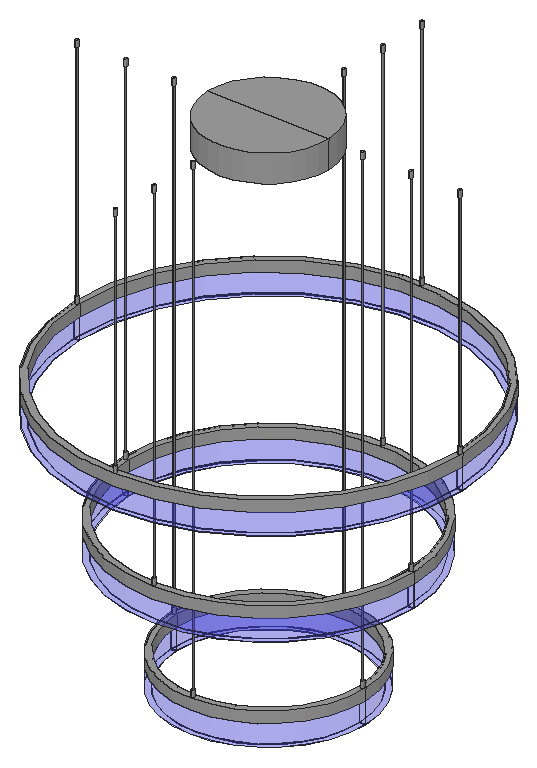
Revit family "Alcon-12272-3-16-24-32-Revit-Family", category Generic Models, host Ceiling, Revit 2025
Family settings
  Host = Ceiling
  Can host rebar = No
  Round Connector Dimension = Use Diameter
  Part Type = Normal
  Always vertical = Yes
  Cut with Voids When Loaded = No
  Maintain Annotation Orientation = No
  Shared = No
  Room Calculation Point = No
Parameters
  URL = "https://www.alconlighting.com/?srsltid=AfmBOooDPhGQ0dEP-X2PMtxFfvvWpIAEL4jCll_O2F4_to5onvhnBomy"
  Product Page = "https://www.alconlighting.com/redondo-12272-2.html"
  Model = "12272-3"
  Manufacturer = "Alcon Lighting"
  Lens = Glass
  Housing = Default
  Default Elevation = 0' - 0"
Reference planes (in)
  plane 1 "Center (Front/Back)": y = 0
  plane 2 "Ceiling": z = 96
  plane 3 "Center (Left/Right)": x = 0
Forms (in)
  Revolve 1, solid, material "Default" <- "Housing"
    sketch origin (0, 0, 0) x (1, 0, 0) y (0, 0, 1)
      loop
        line (0, 96) -> (0, 93.75) -> (5, 93.75) -> (5, 96) -> (0, 96)
      axis (0, 96) -> (0, 93.75)
    angle from 0 to 360
  Revolve 2, solid, material "Default" <- "Housing"
    sketch origin (0, 0, -10.0625) x (1, 0, 0) y (0, 0, 1)
      loop
        line (7.5, 66.65) -> (7.5, 65.72813) -> (7.5625, 65.72813) -> (7.5625, 66.5875) -> (7.9375, 66.5875) -> (7.9375, 65.72813) -> (8, 65.72813) -> (8, 66.65) -> (7.5, 66.65)
      axis (0, 65.72813) -> (0, 66.65)
    angle from 0 to 360
  Revolve 3, solid, material "Glass" <- "Lens"
    sketch origin (0, 0, -10.0625) x (1, 0, 0) y (0, 0, 1)
      loop
        line (7.5, 63.89) -> (8, 63.89) -> (8, 65.72813) -> (7.96875, 65.72813) -> (7.96875, 63.92125) -> (7.53125, 63.92125) -> (7.53125, 65.72813) -> (7.5, 65.72813) -> (7.5, 63.89)
      axis (0, 63.89) -> (0, 65.72813)
    angle from 0 to 360
  Revolve 4, solid, material "Default" <- "Housing"
    sketch origin (0, -20.29728, -10.0625) x (0, 1, 0) y (0, 0, 1)
      loop
        line (12.55011, 66.65) -> (12.67511, 66.65) -> (12.67511, 67.1208) -> (12.55011, 67.1208) -> (12.55011, 66.65)
      axis (12.55011, 67.1208) -> (12.55011, 66.65)
    angle from 0 to 360
  Extrusion 5, solid, material "Default" <- "Housing"
    sketch origin (0, -7.74728, 92.90344) x (0, 1, 0) y (1, 0, 0)
      loop
        circle (0, 0) r 0.04922
    from -2.62576 to 35.84515
  Revolve 6, solid, material "Default" <- "Housing"
    sketch origin (0, -20.29728, 28.8792) x (0, 1, 0) y (0, 0, 1)
      loop
        line (12.55011, 66.65) -> (12.67511, 66.65) -> (12.67511, 67.1208) -> (12.55011, 67.1208) -> (12.55011, 66.65)
      axis (12.55011, 67.1208) -> (12.55011, 66.65)
    angle from 0 to 360
  Revolve 7, solid, material "Default" <- "Housing"
    sketch origin (0, -4.80413, -10.0625) x (0, 1, 0) y (0, 0, 1)
      loop
        line (12.55011, 66.65) -> (12.67511, 66.65) -> (12.67511, 67.1208) -> (12.55011, 67.1208) -> (12.55011, 66.65)
      axis (12.55011, 67.1208) -> (12.55011, 66.65)
    angle from 0 to 360
  Extrusion 8, solid, material "Default" <- "Housing"
    sketch origin (0, 7.74587, 92.90344) x (0, 1, 0) y (1, 0, 0)
      loop
        circle (0, 0) r 0.04922
    from -2.62576 to 35.84515
  Revolve 9, solid, material "Default" <- "Housing"
    sketch origin (0, -4.80413, 28.8792) x (0, 1, 0) y (0, 0, 1)
      loop
        line (12.55011, 66.65) -> (12.67511, 66.65) -> (12.67511, 67.1208) -> (12.55011, 67.1208) -> (12.55011, 66.65)
      axis (12.55011, 67.1208) -> (12.55011, 66.65)
    angle from 0 to 360
  Revolve 10, solid, material "Default" <- "Housing"
    sketch origin (7.73156, -12.55011, -10.0625) x (0, 1, 0) y (0, 0, 1)
      loop
        line (12.55011, 66.65) -> (12.67511, 66.65) -> (12.67511, 67.1208) -> (12.55011, 67.1208) -> (12.55011, 66.65)
      axis (12.55011, 67.1208) -> (12.55011, 66.65)
    angle from 0 to 360
  Extrusion 11, solid, material "Default" <- "Housing"
    sketch origin (7.73156, -0.00011, 92.90344) x (0, 1, 0) y (1, 0, 0)
      loop
        circle (0, 0) r 0.04922
    from -2.62576 to 35.84515
  Revolve 12, solid, material "Default" <- "Housing"
    sketch origin (7.73156, -12.55011, 28.8792) x (0, 1, 0) y (0, 0, 1)
      loop
        line (12.55011, 66.65) -> (12.67511, 66.65) -> (12.67511, 67.1208) -> (12.55011, 67.1208) -> (12.55011, 66.65)
      axis (12.55011, 67.1208) -> (12.55011, 66.65)
    angle from 0 to 360
  Revolve 13, solid, material "Default" <- "Housing"
    sketch origin (-7.7654, -12.55011, -10.0625) x (0, 1, 0) y (0, 0, 1)
      loop
        line (12.55011, 66.65) -> (12.67511, 66.65) -> (12.67511, 67.1208) -> (12.55011, 67.1208) -> (12.55011, 66.65)
      axis (12.55011, 67.1208) -> (12.55011, 66.65)
    angle from 0 to 360
  Extrusion 14, solid, material "Default" <- "Housing"
    sketch origin (-7.7654, -0.00011, 92.90344) x (0, 1, 0) y (1, 0, 0)
      loop
        circle (0, 0) r 0.04922
    from -2.62576 to 35.84515
  Revolve 15, solid, material "Default" <- "Housing"
    sketch origin (-7.7654, -12.55011, 28.8792) x (0, 1, 0) y (0, 0, 1)
      loop
        line (12.55011, 66.65) -> (12.67511, 66.65) -> (12.67511, 67.1208) -> (12.55011, 67.1208) -> (12.55011, 66.65)
      axis (12.55011, 67.1208) -> (12.55011, 66.65)
    angle from 0 to 360
  Revolve 16, solid, material "Default" <- "Housing"
    sketch origin (0, 0, -0.0625) x (1, 0, 0) y (0, 0, 1)
      loop
        line (11.5, 66.65) -> (11.5, 65.72813) -> (11.5625, 65.72813) -> (11.5625, 66.5875) -> (11.9375, 66.5875) -> (11.9375, 65.72813) -> (12, 65.72813) -> (12, 66.65) -> (11.5, 66.65)
      axis (0, 65.72813) -> (0, 66.65)
    angle from 0 to 360
  Revolve 17, solid, material "Glass" <- "Lens"
    sketch origin (0, 0, -0.0625) x (1, 0, 0) y (0, 0, 1)
      loop
        line (11.5, 63.89) -> (12, 63.89) -> (12, 65.72813) -> (11.96875, 65.72813) -> (11.96875, 63.92125) -> (11.53125, 63.92125) -> (11.53125, 65.72813) -> (11.5, 65.72813) -> (11.5, 63.89)
      axis (0, 63.89) -> (0, 65.72813)
    angle from 0 to 360
  Revolve 18, solid, material "Default" <- "Housing"
    sketch origin (-11.7654, -12.55011, -0.0625) x (0, 1, 0) y (0, 0, 1)
      loop
        line (12.55011, 66.65) -> (12.67511, 66.65) -> (12.67511, 67.1208) -> (12.55011, 67.1208) -> (12.55011, 66.65)
      axis (12.55011, 67.1208) -> (12.55011, 66.65)
    angle from 0 to 360
  Extrusion 19, solid, material "Default" <- "Housing"
    sketch origin (-11.7654, -0.00011, 102.90344) x (0, 1, 0) y (1, 0, 0)
      loop
        circle (0, 0) r 0.04922
    from 7.37424 to 35.84515
  Revolve 20, solid, material "Default" <- "Housing"
    sketch origin (-11.7654, -12.55011, 28.8792) x (0, 1, 0) y (0, 0, 1)
      loop
        line (12.55011, 66.65) -> (12.67511, 66.65) -> (12.67511, 67.1208) -> (12.55011, 67.1208) -> (12.55011, 66.65)
      axis (12.55011, 67.1208) -> (12.55011, 66.65)
    angle from 0 to 360
  Revolve 21, solid, material "Default" <- "Housing"
    sketch origin (-7.7654, -12.55011, -10.0625) x (0, 1, 0) y (0, 0, 1)
      loop
        line (12.55011, 66.65) -> (12.67511, 66.65) -> (12.67511, 67.1208) -> (12.55011, 67.1208) -> (12.55011, 66.65)
      axis (12.55011, 67.1208) -> (12.55011, 66.65)
    angle from 0 to 360
  Extrusion 22, solid, material "Default" <- "Housing"
    sketch origin (-7.7654, -0.00011, 92.90344) x (0, 1, 0) y (1, 0, 0)
      loop
        circle (0, 0) r 0.04922
    from -2.62576 to 35.84515
  Revolve 23, solid, material "Default" <- "Housing"
    sketch origin (-7.7654, -12.55011, 28.8792) x (0, 1, 0) y (0, 0, 1)
      loop
        line (12.55011, 66.65) -> (12.67511, 66.65) -> (12.67511, 67.1208) -> (12.55011, 67.1208) -> (12.55011, 66.65)
      axis (12.55011, 67.1208) -> (12.55011, 66.65)
    angle from 0 to 360
  Revolve 24, solid, material "Default" <- "Housing"
    sketch origin (11.7346, -12.55011, -0.0625) x (0, 1, 0) y (0, 0, 1)
      loop
        line (12.55011, 66.65) -> (12.67511, 66.65) -> (12.67511, 67.1208) -> (12.55011, 67.1208) -> (12.55011, 66.65)
      axis (12.55011, 67.1208) -> (12.55011, 66.65)
    angle from 0 to 360
  Extrusion 25, solid, material "Default" <- "Housing"
    sketch origin (11.7346, -0.00011, 102.90344) x (0, 1, 0) y (1, 0, 0)
      loop
        circle (0, 0) r 0.04922
    from 7.37424 to 35.84515
  Revolve 26, solid, material "Default" <- "Housing"
    sketch origin (11.7346, -12.55011, 28.8792) x (0, 1, 0) y (0, 0, 1)
      loop
        line (12.55011, 66.65) -> (12.67511, 66.65) -> (12.67511, 67.1208) -> (12.55011, 67.1208) -> (12.55011, 66.65)
      axis (12.55011, 67.1208) -> (12.55011, 66.65)
    angle from 0 to 360
  Revolve 27, solid, material "Default" <- "Housing"
    sketch origin (0, -0.80011, -0.0625) x (0, 1, 0) y (0, 0, 1)
      loop
        line (12.55011, 66.65) -> (12.67511, 66.65) -> (12.67511, 67.1208) -> (12.55011, 67.1208) -> (12.55011, 66.65)
      axis (12.55011, 67.1208) -> (12.55011, 66.65)
    angle from 0 to 360
  Extrusion 28, solid, material "Default" <- "Housing"
    sketch origin (0, 11.74989, 102.90344) x (0, 1, 0) y (1, 0, 0)
      loop
        circle (0, 0) r 0.04922
    from 7.37424 to 35.84515
  Revolve 29, solid, material "Default" <- "Housing"
    sketch origin (0, -0.80011, 28.8792) x (0, 1, 0) y (0, 0, 1)
      loop
        line (12.55011, 66.65) -> (12.67511, 66.65) -> (12.67511, 67.1208) -> (12.55011, 67.1208) -> (12.55011, 66.65)
      axis (12.55011, 67.1208) -> (12.55011, 66.65)
    angle from 0 to 360
  Revolve 30, solid, material "Default" <- "Housing"
    sketch origin (0, -24.30011, -0.0625) x (0, 1, 0) y (0, 0, 1)
      loop
        line (12.55011, 66.65) -> (12.67511, 66.65) -> (12.67511, 67.1208) -> (12.55011, 67.1208) -> (12.55011, 66.65)
      axis (12.55011, 67.1208) -> (12.55011, 66.65)
    angle from 0 to 360
  Extrusion 31, solid, material "Default" <- "Housing"
    sketch origin (0, -11.75011, 102.90344) x (0, 1, 0) y (1, 0, 0)
      loop
        circle (0, 0) r 0.04922
    from 7.37424 to 35.84515
  Revolve 32, solid, material "Default" <- "Housing"
    sketch origin (0, -24.30011, 28.8792) x (0, 1, 0) y (0, 0, 1)
      loop
        line (12.55011, 66.65) -> (12.67511, 66.65) -> (12.67511, 67.1208) -> (12.55011, 67.1208) -> (12.55011, 66.65)
      axis (12.55011, 67.1208) -> (12.55011, 66.65)
    angle from 0 to 360
  Revolve 33, solid, material "Default" <- "Housing"
    sketch origin (0, 0, 10) x (1, 0, 0) y (0, 0, 1)
      loop
        line (15.5, 66.65) -> (15.5, 65.72813) -> (15.5625, 65.72813) -> (15.5625, 66.5875) -> (15.9375, 66.5875) -> (15.9375, 65.72813) -> (16, 65.72813) -> (16, 66.65) -> (15.5, 66.65)
      axis (0, 65.72813) -> (0, 66.65)
    angle from 0 to 360
  Revolve 34, solid, material "Glass" <- "Lens"
    sketch origin (0, 0, 10) x (1, 0, 0) y (0, 0, 1)
      loop
        line (15.5, 63.89) -> (16, 63.89) -> (16, 65.72813) -> (15.96875, 65.72813) -> (15.96875, 63.92125) -> (15.53125, 63.92125) -> (15.53125, 65.72813) -> (15.5, 65.72813) -> (15.5, 63.89)
      axis (0, 63.89) -> (0, 65.72813)
    angle from 0 to 360
  Revolve 35, solid, material "Default" <- "Housing"
    sketch origin (-15.7654, -12.55011, 10) x (0, 1, 0) y (0, 0, 1)
      loop
        line (12.55011, 66.65) -> (12.67511, 66.65) -> (12.67511, 67.1208) -> (12.55011, 67.1208) -> (12.55011, 66.65)
      axis (12.55011, 67.1208) -> (12.55011, 66.65)
    angle from 0 to 360
  Extrusion 36, solid, material "Default" <- "Housing"
    sketch origin (-15.7654, -0.00011, 112.96594) x (0, 1, 0) y (1, 0, 0)
      loop
        circle (0, 0) r 0.04922
    from 17.43674 to 35.84515
  Revolve 37, solid, material "Default" <- "Housing"
    sketch origin (-15.7654, -12.55011, 28.8792) x (0, 1, 0) y (0, 0, 1)
      loop
        line (12.55011, 66.65) -> (12.67511, 66.65) -> (12.67511, 67.1208) -> (12.55011, 67.1208) -> (12.55011, 66.65)
      axis (12.55011, 67.1208) -> (12.55011, 66.65)
    angle from 0 to 360
  Revolve 38, solid, material "Default" <- "Housing"
    sketch origin (15.7346, -12.55011, 10) x (0, 1, 0) y (0, 0, 1)
      loop
        line (12.55011, 66.65) -> (12.67511, 66.65) -> (12.67511, 67.1208) -> (12.55011, 67.1208) -> (12.55011, 66.65)
      axis (12.55011, 67.1208) -> (12.55011, 66.65)
    angle from 0 to 360
  Extrusion 39, solid, material "Default" <- "Housing"
    sketch origin (15.7346, -0.00011, 112.96594) x (0, 1, 0) y (1, 0, 0)
      loop
        circle (0, 0) r 0.04922
    from 17.43674 to 35.84515
  Revolve 40, solid, material "Default" <- "Housing"
    sketch origin (15.7346, -12.55011, 28.8792) x (0, 1, 0) y (0, 0, 1)
      loop
        line (12.55011, 66.65) -> (12.67511, 66.65) -> (12.67511, 67.1208) -> (12.55011, 67.1208) -> (12.55011, 66.65)
      axis (12.55011, 67.1208) -> (12.55011, 66.65)
    angle from 0 to 360
  Revolve 41, solid, material "Default" <- "Housing"
    sketch origin (0, 3.19989, 10) x (0, 1, 0) y (0, 0, 1)
      loop
        line (12.55011, 66.65) -> (12.67511, 66.65) -> (12.67511, 67.1208) -> (12.55011, 67.1208) -> (12.55011, 66.65)
      axis (12.55011, 67.1208) -> (12.55011, 66.65)
    angle from 0 to 360
  Extrusion 42, solid, material "Default" <- "Housing"
    sketch origin (0, 15.74989, 112.96594) x (0, 1, 0) y (1, 0, 0)
      loop
        circle (0, 0) r 0.04922
    from 17.43674 to 35.84515
  Revolve 43, solid, material "Default" <- "Housing"
    sketch origin (0, 3.19989, 28.8792) x (0, 1, 0) y (0, 0, 1)
      loop
        line (12.55011, 66.65) -> (12.67511, 66.65) -> (12.67511, 67.1208) -> (12.55011, 67.1208) -> (12.55011, 66.65)
      axis (12.55011, 67.1208) -> (12.55011, 66.65)
    angle from 0 to 360
  Revolve 44, solid, material "Default" <- "Housing"
    sketch origin (0, -28.30011, 10) x (0, 1, 0) y (0, 0, 1)
      loop
        line (12.55011, 66.65) -> (12.67511, 66.65) -> (12.67511, 67.1208) -> (12.55011, 67.1208) -> (12.55011, 66.65)
      axis (12.55011, 67.1208) -> (12.55011, 66.65)
    angle from 0 to 360
  Extrusion 45, solid, material "Default" <- "Housing"
    sketch origin (0, -15.75011, 112.96594) x (0, 1, 0) y (1, 0, 0)
      loop
        circle (0, 0) r 0.04922
    from 17.43674 to 35.84515
  Revolve 46, solid, material "Default" <- "Housing"
    sketch origin (0, -28.30011, 28.8792) x (0, 1, 0) y (0, 0, 1)
      loop
        line (12.55011, 66.65) -> (12.67511, 66.65) -> (12.67511, 67.1208) -> (12.55011, 67.1208) -> (12.55011, 66.65)
      axis (12.55011, 67.1208) -> (12.55011, 66.65)
    angle from 0 to 360
Dimensions and locks (in)
  equal spacing: host sketch curve, plane 3 "Center (Left/Right)", host sketch curve
  equal spacing: host sketch curve, plane 1 "Center (Front/Back)", host sketch curve
  host sketch curve to host sketch curve = 10' - 0"  (x2)
  aligned and locked: Extrusion 5 to Revolve 4
  aligned and locked: Revolve 6 to Extrusion 5
  aligned and locked: Extrusion 8 to Revolve 7
  aligned and locked: Revolve 9 to Extrusion 8
  aligned and locked: Extrusion 11 to Revolve 10
  aligned and locked: Revolve 12 to Extrusion 11
  aligned and locked: Extrusion 14 to Revolve 13
  aligned and locked: Extrusion 19 to Revolve 18
  aligned and locked: Revolve 20 to Extrusion 19
  aligned and locked: Extrusion 22 to Revolve 21
  aligned and locked: Extrusion 25 to Revolve 24
  aligned and locked: Revolve 26 to Extrusion 25
  aligned and locked: Extrusion 28 to Revolve 27
  aligned and locked: Revolve 29 to Extrusion 28
  aligned and locked: Extrusion 31 to Revolve 30
  aligned and locked: Revolve 32 to Extrusion 31
  aligned and locked: Extrusion 36 to Revolve 35
  aligned and locked: Revolve 37 to Extrusion 36
  aligned and locked: Extrusion 39 to Revolve 38
  aligned and locked: Revolve 40 to Extrusion 39
  aligned and locked: Extrusion 42 to Revolve 41
  aligned and locked: Revolve 43 to Extrusion 42
  aligned and locked: Extrusion 45 to Revolve 44
  aligned and locked: Revolve 46 to Extrusion 45
